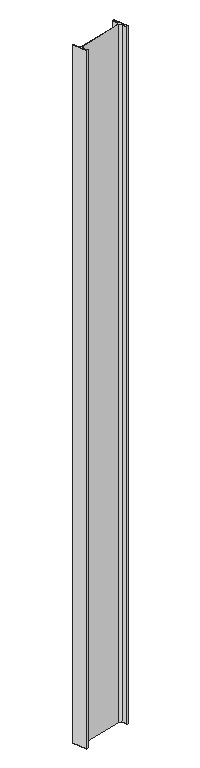
Revit family "M_M-Flanges extensas mistas-Coluna", category Pilares estruturais, Revit 2019
Family settings
  Forma do corte = Não definido
  Material para o comportamento do modelo = Aço
  Exportar sempre como geometria = Não
  Redução da viga na planta = Da caixa de vinculação
  Número OmniClass = 23.25.30.11.14.11
  Título OmniClass = Columns
  ID de item do Seek = M-Miscellaneous Wide Flange-Column-0000-CAN-ENU
  Corte com vazios quando carregada = Não
  Representação simbólica = Das configurações de projeto
  Compartilhado = Não
  Exibir o pré-corte da família na vista da planta = Sim
Parameters (values of type "M200X9.7")
  W = 0.095
  Structural Material [instance] = Aço, 45-345
  Assembly Code = ""
  bf = 57.9 mm
  d = 203 mm
  k = 14 mm
  kr = k - tf  # 9 mm
  tf = 5 mm
  tw = 3.4 mm
  A = 0.001 m²
Types (2, lengths in mm): name | W | bf | d | tw | A
  M310X16.1 | 0.158 | 77.9 | 304 | 4.1 | 0.00205 m²
  M200X9.7 | 0.095 | 57.9 | 203 | 3.4 | 0.001 m²
Reference planes
  plane 1: y = 0
  plane 2: z = 0
  plane 3: x = 0
  plane 4: x = -28.95
  plane 5: x = 28.95
  plane 6: y = 101.5
  plane 7: y = -101.5
  plane 8: x = -3.969
  plane 9: x = 3.969
Forms (mm)
  Extrusion 1, solid, material "Aço, 45-345" <- "Structural Material", detail levels medium
    sketch origin (0, 0, 0) x (1, 0, 0) y (0, 1, 0)
      loop
        line (-28.95, 101.5) -> (-28.95, 96.5) -> (-1.7, 96.5) -> (-1.7, -96.5) -> (-28.95, -96.5) -> (-28.95, -101.5) -> (28.95, -101.5) -> (28.95, -96.5) -> (1.7, -96.5) -> (1.7, 96.5) -> (28.95, 96.5) -> (28.95, 101.5) -> (-28.95, 101.5)
    from 0 to 2500
  Extrusion 2, solid, material "Aço, 45-345" <- "Structural Material", detail levels fine
    sketch origin (0, 0, 0) x (1, 0, 0) y (0, 1, 0)
      loop
        line (-28.95, 101.5) -> (-28.95, 96.5) -> (-10.7, 96.5)
        arc (-10.7, 96.5) -> (-4.336, 93.864) -> (-1.7, 87.5) r 9
        line (-1.7, 87.5) -> (-1.7, -87.5)
        arc (-1.7, -87.5) -> (-4.336, -93.864) -> (-10.7, -96.5) r 9
        line (-10.7, -96.5) -> (-28.95, -96.5) -> (-28.95, -101.5) -> (28.95, -101.5) -> (28.95, -96.5) -> (10.7, -96.5)
        arc (10.7, -96.5) -> (4.336, -93.864) -> (1.7, -87.5) r 9
        line (1.7, -87.5) -> (1.7, 87.5)
        arc (1.7, 87.5) -> (4.336, 93.864) -> (10.7, 96.5) r 9
        line (10.7, 96.5) -> (28.95, 96.5) -> (28.95, 101.5) -> (-28.95, 101.5)
    from 0 to 2500
Lines and regions (mm)
  symbolic lines, style "StructuralColumnStickSymbols", detail levels coarse
    curve 1: line (-28.95, 101.5, 0) -> (28.95, 101.5, 0)
    curve 2: line (-28.95, -101.5, 0) -> (28.95, -101.5, 0)
    curve 3: line (0, 101.5, 0) -> (0, -101.5, 0)
  symbolic lines, style "Faces ocultas", detail levels medium+fine
    curve 4: line (-3.969, 0, 0) -> (-3.969, 0, 2500)
    curve 5: line (3.969, 0, 2500) -> (3.969, 0, 0)
Dimensions and locks
  equal spacing: plane 4, plane 3, plane 5
  equal spacing: plane 7, plane 1, plane 6
  "d": plane 7 to plane 6
  "bf": plane 4 to plane 5
  "tf": plane 7 to Extrusion 1 sketch curve
  "tf": Extrusion 1 sketch curve to plane 6
  equal spacing: Extrusion 1 sketch curve, plane 3, Extrusion 1 sketch curve
  "tw": Extrusion 1 sketch curve to Extrusion 1 sketch curve
  "kr": radius of Extrusion 2 sketch curve  (x4)
  aligned and locked: plane 6 to Extrusion 1 sketch curve
  aligned and locked: Extrusion 1 sketch curve to plane 7
  aligned and locked: Extrusion 1 sketch curve to plane 4  (x2)
  aligned and locked: plane 5 to Extrusion 1 sketch curve  (x2)
  aligned and locked: Extrusion 1 sketch curve to Extrusion 1 sketch curve  (x2)
  aligned and locked: level to Extrusion 1
  aligned and locked: level to plane 2
  aligned and locked: Extrusion 1 to plane 2
  aligned and locked: plane 6 to Extrusion 2 sketch curve
  aligned and locked: plane 5 to Extrusion 2 sketch curve  (x2)
  aligned and locked: Extrusion 2 sketch curve to plane 4  (x2)
  aligned and locked: Extrusion 2 sketch curve to Extrusion 1  (x6)
  aligned and locked: Extrusion 2 sketch curve to plane 7
  aligned and locked: level to Extrusion 2
  aligned and locked: Extrusion 2 to level
Automatic sketch dimensions
  curve 2 to plane 4 = 0 mm
  curve 1 to plane 4 = 0 mm
  curve 3 to plane 3 = 0 mm
  curve 2 to plane 5 = 0 mm
  curve 1 to plane 5 = 0 mm
  curve 3 to plane 7 = 0 mm
  curve 3 to plane 6 = 0 mm
  curve 4 to level = 0 mm  (x2)
  curve 4 to plane 8 = 0 mm
  curve 5 to level = 0 mm  (x2)
  curve 5 to plane 9 = 0 mm
Types in the file's own list only (10): name | W | bf | d | k | kr | tw | A
  M310X17.6 | 0.172 | 78 mm | 305 mm | 14 mm | 9 mm | 5 mm | 0.00 m²
  M310X14.9 | 0.146 | 83 mm | 304 mm | 12 mm | 7 mm | 4 mm | 0.00 m²
  M250X13.4 | 0.131 | 68 mm | 254 mm | 14 mm | 9 mm | 4 mm | 0.00 m²
  M250X11.9 | 0.117 | 68 mm | 253 mm | 13 mm | 8 mm | 4 mm | 0.00 m²
  M250X11.2 | 0.109 | 68 mm | 254 mm | 11 mm | 6 mm | 3 mm | 0.00 m²
  M200X9.2 | 0.091 | 58 mm | 203 mm | 10 mm | 5 mm | 3 mm | 0.00 m²
  M150X6.6 | 0.064 | 47 mm | 152 mm | 9 mm | 4 mm | 3 mm | 0.00 m²
  M150X5.5 | 0.054 | 51 mm | 150 mm | 8 mm | 3 mm | 3 mm | 0.00 m²
  M130X28.1 | 0.276 | 127 mm | 127 mm | 22 mm | 17 mm | 8 mm | 0.00 m²
  M100X8.9 | 0.088 | 97 mm | 97 mm | 13 mm | 8 mm | 3 mm | 0.00 m²
